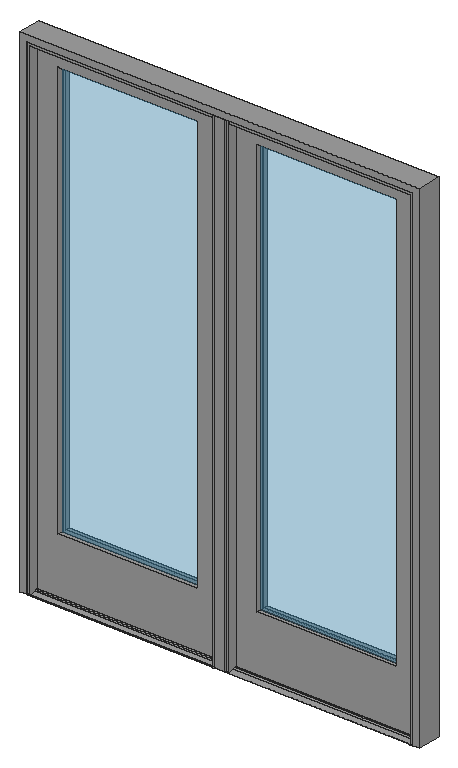
Revit family "AD-375 DOOR-Double-1-2 CJB-CW_v04", category Curtain Panels, Revit 2015
Parameters
  Width [instance] = 6' - 2"
  URL = "obe.com"
  Rough Width [instance] = 6' - 4 1/2"
  Panel Width [instance] = Min Panel Width  # 6' - 2"
  Panel Offset [instance] = 0' - 0"
  Offset [instance] = 0' - 1"
  Model = "AD-375 DOOR"
  Min Rough Width [instance] = if(Rough Width > 6' 4 1/2", Rough Width, 6' 4 1/2")  # 6' - 4 1/2"
  Min Panel Width [instance] = if(Rough Width > 6' 4 1/2", Rough Width - 0' 2 1/2", 6' 2")  # 6' - 2"
  Manufacturer = "Oldcastle BuildingEnvelope®"
  Keynote = "08 11 00"
  Hinge [instance] = yes
  Height [instance] = 8' - 0"
  Glass Material = Glass
  Frame Material = Aluminum
  Door Panel Height [instance] = Height - 0' 0 85/128"  # 7' - 11 43/128"
  Description = "AD-375 - 1\" Door Infill"
  Assembly Code = "B2030"
  Analytic Construction = "<None>"
  6 Bottom Rail [instance] = no
  10 Bottom Rail [instance] = not([6 Bottom Rail])  # yes
Reference planes (in)
  plane 1 "Front": y = 0
  plane 2: z = 0
  plane 3 "Center (Left/Right)": x = 0
  plane 4 "Left": x = -37
  plane 5 "Right": x = 37
  plane 6 "Top": z = 96
  plane 7 "Offset": y = -1
  plane 8: x = -38.25
  plane 9: x = 38.25
Forms (in)
  Sweep 1, solid, material "Aluminum" <- "Frame Material"
    path origin (0, -1, 0) x (-1, 0, 0) y (0, 0, 1)
      loop
        line (-38.25, 96) -> (-38.25, 0)
    profile origin (38.25, -1, 48) x (0, 1, 0) y (-1, 0, 0)
      loop
        line (0, 0) -> (0, 1.25) -> (-2.7624, 1.25) -> (-2.7624, 1.812) -> (-4.3574, 1.812) -> (-4.3574, 1.25) -> (-4.50055, 1.25) -> (-4.50055, 0) -> (0, 0)
  Sweep 2, solid, material "Aluminum" <- "Frame Material"
    path origin (0, -1, 0) x (-1, 0, 0) y (0, 0, 1)
      loop
        line (38.25, 96) -> (38.25, 0)
    profile origin (-38.25, -1, 48) x (0, 1, 0) y (-1, 0, 0)
      loop
        line (0, 0) -> (-4.50055, 0) -> (-4.50055, -1.25) -> (-4.3574, -1.25) -> (-4.3574, -1.812) -> (-2.7624, -1.812) -> (-2.7624, -1.25) -> (0, -1.25) -> (0, 0)
  Sweep 3, solid, material "Aluminum" <- "Frame Material"
    path origin (0, -1, 0) x (-1, 0, 0) y (0, 0, 1)
      loop
        line (38.25, 96) -> (-38.25, 96)
    profile origin (0, -1, 96) x (0, 0, -1) y (0, 1, 0)
      loop
        line (1.25, 0) -> (0, 0) -> (0, -4.50055) -> (1.25, -4.50055) -> (1.25, -4.3574) -> (1.812, -4.3574) -> (1.812, -2.7624) -> (1.25, -2.7624) -> (1.25, 0)
Cuts and joins
  joined: Sweep 1, Sweep 2, Sweep 3
Text (in)
  text "Exterior" at (-54.29358, 31.38743, 0), in view "Ref. Level"
  text "Exterior" at (480, 41.53993, 89.60405), in view "Right"
  text "Exterior" at (-240, 57.82419, 105.78864), in view "Left"
Dimensions and locks (in)
  equal spacing: plane 4 "Left", plane 3 "Center (Left/Right)", plane 5 "Right"
  "Width": plane 4 "Left" to plane 5 "Right"
  "Height": plane 6 "Top" to plane 2
  "Offset": plane 7 "Offset" to plane 1 "Front"
  equal spacing: plane 8, plane 3 "Center (Left/Right)", plane 9
  "Min Rough Width": plane 8 to plane 9
  aligned and locked: level to plane 2
  aligned and locked: plane 3 "Center (Left/Right)" to nested 1
  aligned and locked: plane 2 to Sweep 1 sketch curve
  aligned and locked: plane 6 "Top" to Sweep 1 sketch curve
  aligned and locked: plane 2 to Sweep 2 sketch curve
  aligned and locked: plane 6 "Top" to Sweep 2 sketch curve
  aligned and locked: plane 6 "Top" to Sweep 3 sketch curve
  aligned and locked: nested 1 to plane 7 "Offset"
  aligned and locked: Sweep 1 sketch curve to plane 9
  aligned and locked: plane 8 to Sweep 2 sketch curve
  aligned and locked: plane 9 to Sweep 3 sketch curve
  aligned and locked: plane 8 to Sweep 3 sketch curve
Automatic sketch dimensions
  Sweep 2 sketch curve to Sweep 2 sketch curve = 0' - 0.14315"
  Sweep 2 sketch curve to Sweep 2 sketch curve = 0' - 1.595"
  profile plane to Sweep 2 sketch curve = 0' - 1 1/4"  (x2)
  Sweep 2 sketch curve to Sweep 2 sketch curve = 0' - 2.7624"
  Sweep 2 sketch curve to Sweep 2 sketch curve = 0' - 0.562"
  Sweep 2 sketch curve to plane 7 "Offset" = 0' - 0"
  Sweep 2 sketch curve to profile plane = 0' - 0"
  Sweep 1 sketch curve to profile plane = 0' - 1.812"
  profile plane to Sweep 1 sketch curve = 0' - 0"
  Sweep 1 sketch curve to plane 7 "Offset" = 0' - 4.50055"
  Sweep 1 sketch curve to Sweep 1 sketch curve = 0' - 0.14315"
  Sweep 1 sketch curve to Sweep 1 sketch curve = 0' - 1.595"
  Sweep 1 sketch curve to profile plane = 0' - 1 1/4"  (x2)
  Sweep 1 sketch curve to Sweep 1 sketch curve = 0' - 2.7624"
  Sweep 3 sketch curve to profile plane = 0' - 1.812"
  Sweep 3 sketch curve to profile plane = 0' - 1 1/4"  (x2)
  Sweep 3 sketch curve to Sweep 3 sketch curve = 0' - 1 1/4"
  Sweep 3 sketch curve to plane 7 "Offset" = 0' - 4.50055"
  Sweep 3 sketch curve to Sweep 3 sketch curve = 0' - 0.14315"
  Sweep 3 sketch curve to Sweep 3 sketch curve = 0' - 1.595"
  Sweep 3 sketch curve to Sweep 3 sketch curve = 0' - 2.7624"
Nested families (in)
  nested 1: "AD-375 DOOR-Double-1-2 CJB-Panel_v03" at (0, -19, 0), Frame Material <- "Frame Material", Glass Material <- "Glass Material", Hinge <- "Hinge", 6 Bottom Rail <- "6 Bottom Rail", Height <- "Door Panel Height", Width <- "Min Panel Width", Offset <- "Panel Offset", type "AD-375 DOOR-Double-1-2 CJB-Panel_v03"
    with Wing Width 3' - 1", built-in parameter 1001301 6' - 2", Offset 0' - 0", Hinge yes, built-in parameter 1001300 7' - 11 43/128", Glass Material Glass, Frame Material Aluminum, Bottom Rail 0' - 10 19/32", 6 Bottom Rail no, 10 Bottom Rail yes
Definition of nested family "AD-375 DOOR-Double-1-2 CJB-Panel_v03"
  Parameters (values of type "AD-375 DOOR-Double-1-2 CJB-Panel_v03")
    Wing Width [instance] = Width / 2  # 3' - 0"
    Width [instance] = 6' - 0"
    Offset [instance] = 0' - 11"
    Hinge [instance] = yes
    Height [instance] = 8' - 0"
    Glass Material [instance] = none
    Frame Material [instance] = none
    Bottom Rail [instance] = if([10 Bottom Rail], 0' 10 19/32", 0' 6 19/32")  # 0' - 6 19/32"
    6 Bottom Rail [instance] = yes
    10 Bottom Rail [instance] = not([6 Bottom Rail])  # no
  Reference planes (in)
    plane 1 "00": y = 5.5563
    plane 2: z = 0
    plane 3 "Center (Left/Right)": x = 0
    plane 4: z = 96
    plane 5: x = -36
    plane 6: x = 36
    plane 7 "Center (Front/Back)": y = 18
    plane 8 "Exterior": y = 6.0563
    plane 9: z = 48
    plane 10: z = 6.59375
    plane 11: z = 92.46875
    plane 12: z = 0
    plane 13: x = -31.84147
    plane 14: x = 31.82129
    plane 15: y = 7
  Forms (in)
    Sweep 1, solid, material <- "Frame Material"
      path origin (0, 5.5563, 0) x (1, 0, 0) y (0, 0, 1)
        loop
          line (-35.70353, 96) -> (-1, 96)
      profile origin (-18.35176, 5.5563, 96) x (0, 0, 1) y (0, -1, 0)
        loop
          line (-0.71875, -1.2884) -> (-0.71875, 1.3187) -> (-3.96875, 1.3187) -> (-3.96875, 0.5) -> (-3.53125, 0.5) -> (-3.53125, -0.5) -> (-3.96875, -0.5) -> (-3.96875, -1.2884) -> (-0.71875, -1.2884)
    Sweep 2, solid, material <- "Frame Material"
      path origin (0, 5.5563, 0) x (1, 0, 0) y (0, 0, 1)
        loop
          line (-1.562, 0) -> (-35.70353, 0)
      profile origin (-18.63276, 5.5563, 0) x (0, 0, -1) y (0, -1, 0)
        loop
          line (-2.62093, -1.2884) -> (-0.375, -1.2884) -> (-0.375, 1.3187) -> (-2.62093, 1.3187) -> (-7.125, 1.3187) -> (-7.125, 0.5) -> (-6.59375, 0.5) -> (-6.59375, -0.5) -> (-7.125, -0.5) -> (-7.125, -1.2884) -> (-2.62093, -1.2884)
    Sweep 3, solid, material <- "Frame Material"
      path origin (0, 5.5563, 0) x (1, 0, 0) y (0, 0, 1)
        loop
          line (36, 95.28125) -> (36, 0.375)
      profile origin (36, 5.5563, 47.82812) x (0, -1, 0) y (1, 0, 0)
        loop
          line (-1.2884, -0.43321) -> (-1.2884, -4.61621) -> (-0.5, -4.61621) -> (-0.5, -4.17871) -> (0.5, -4.17871) -> (0.5, -4.61621) -> (1.3187, -4.61621) -> (1.3187, -0.32321) -> (-1.35373, -0.32321) -> (-1.35373, -0.43321) -> (-1.2884, -0.43321)
    Sweep 4, solid, material <- "Frame Material"
      path origin (0, 5.5563, 0) x (1, 0, 0) y (0, 0, 1)
        loop
          line (-36, 95.28125) -> (-36, 0.375)
      profile origin (-36, 5.5563, 47.82812) x (0, -1, 0) y (1, 0, 0)
        loop
          line (-1.2884, 4.59603) -> (-1.2884, 0.40647) -> (-1.35373, 0.40647) -> (-1.35373, 0.29647) -> (1.3187, 0.29647) -> (1.3187, 4.59603) -> (0.5, 4.59603) -> (0.5, 4.15198) -> (-0.5, 4.15198) -> (-0.5, 4.59603) -> (-1.2884, 4.59603)
    Sweep 5, solid, material <- "Frame Material"
      path origin (0, 5.5563, 0) x (1, 0, 0) y (0, 0, 1)
        loop
          line (0, 95.28125) -> (0, 0.375)
      profile origin (0, 5.5563, 47.82812) x (0, -1, 0) y (1, 0, 0)
        loop
          line (-1.2884, -5.59715) -> (-0.5, -5.59715) -> (-0.5, -5.15965) -> (0.5, -5.15965) -> (0.5, -5.59715) -> (1.31797, -5.59715) -> (1.31797, -1) -> (-1.2884, -1) -> (-1.2884, -5.59715)
        loop
          line (1.3187, 5.59391) -> (0.50073, 5.59391) -> (0.50073, 5.15641) -> (-0.49927, 5.15641) -> (-0.49927, 5.59391) -> (-1.2884, 5.59391) -> (-1.2884, 1) -> (1.3187, 1) -> (1.3187, 5.59391)
    Sweep 6, solid, material <- "Frame Material"
      path origin (0, 5.5563, 0) x (1, 0, 0) y (0, 0, 1)
        loop
          line (1, 96) -> (35.67679, 96)
      profile origin (18.3384, 5.5563, 96) x (0, 0, 1) y (0, -1, 0)
        loop
          line (-0.71875, -1.2884) -> (-0.71875, 1.3187) -> (-2.30843, 1.3187) -> (-3.96875, 1.3187) -> (-3.96875, 0.5) -> (-3.53125, 0.5) -> (-3.53125, -0.5) -> (-3.96875, -0.5) -> (-3.96875, -1.2884) -> (-2.30843, -1.2884) -> (-0.71875, -1.2884)
    Sweep 7, solid, material <- "Frame Material"
      path origin (0, 5.5563, 0) x (1, 0, 0) y (0, 0, 1)
        loop
          line (35.67679, 0) -> (1.562, 0)
      profile origin (18.6194, 5.5563, 0) x (0, 0, -1) y (0, -1, 0)
        loop
          line (-3.49593, -1.2884) -> (-0.375, -1.2884) -> (-0.375, 1.3187) -> (-7.125, 1.3187) -> (-7.125, 0.5) -> (-6.59375, 0.5) -> (-6.59375, -0.5) -> (-7.125, -0.5) -> (-7.125, -1.2884) -> (-3.49593, -1.2884)
    Extrusion 8, solid, material <- "Glass Material", detail levels medium+fine
      sketch origin (0, 0, 0) x (1, 0, 0) y (0, 1, 0)
        loop
          line (5.15641, 6.0563) -> (5.15641, 5.8083) -> (31.82129, 5.8083) -> (31.82129, 6.0563) -> (5.15641, 6.0563)
        loop
          line (31.82129, 5.0563) -> (31.82129, 5.3043) -> (5.15641, 5.3043) -> (5.15641, 5.0563) -> (31.82129, 5.0563)
      from 6.59375 to 92.46875
    Extrusion 9, solid, material <- "Glass Material", detail levels coarse
      sketch origin (0, 0, 0) x (1, 0, 0) y (0, 1, 0)
        loop
          line (5.15641, 6.0563) -> (5.15641, 5.0563) -> (31.82129, 5.0563) -> (31.82129, 6.0563) -> (5.15641, 6.0563)
      from 6.59375 to 92.46875
    Extrusion 10, solid, material <- "Glass Material", detail levels coarse
      sketch origin (0, 0, 0) x (1, 0, 0) y (0, 1, 0)
        loop
          line (-31.84147, 6.0563) -> (-31.84147, 5.0563) -> (-5.15641, 5.0563) -> (-5.15641, 6.0563) -> (-31.84147, 6.0563)
      from 6.59375 to 92.46875
    Extrusion 11, solid, material <- "Glass Material", detail levels medium+fine
      sketch origin (0, 0, 0) x (1, 0, 0) y (0, 1, 0)
        loop
          line (-31.84147, 6.0563) -> (-31.84147, 5.8083) -> (-5.15641, 5.8083) -> (-5.15641, 6.0563) -> (-31.84147, 6.0563)
        loop
          line (-31.84147, 5.3043) -> (-31.84147, 5.0563) -> (-5.15641, 5.0563) -> (-5.15641, 5.3043) -> (-31.84147, 5.3043)
      from 6.59375 to 92.46875
    Sweep 12, solid, material <- "Frame Material"
      path origin (0, 5.5563, 0) x (1, 0, 0) y (0, 0, 1)
        loop
          line (0, 95.28125) -> (0, 0)
      profile origin (0, 5.5563, 47.64062) x (0, -1, 0) y (1, 0, 0)
        loop
          line (-1.4437, -1) -> (1.3187, -1) -> (1.3187, -1.562) -> (2.9137, -1.562) -> (2.9137, -1) -> (3.0573, -1) -> (3.0573, 1) -> (2.9137, 1) -> (2.9137, 1.562) -> (1.3187, 1.562) -> (1.3187, 1) -> (-1.4437, 1) -> (-1.4437, -1)
    Sweep 13, solid, material <- "Frame Material"
      path origin (0, 5.5563, 0) x (1, 0, 0) y (0, 0, 1)
        loop
          line (-1, 0) -> (-35.70353, 0)
      profile origin (-18.35176, 5.5563, 0) x (0, 0, -1) y (0, -1, 0)
        loop
          line (-0.256, -0.69426) -> (-0.1262, -1.33799)
          arc (-0.1262, -1.33799) -> (-0.07849, -1.40969) -> (0, -1.44514) r 0.156
          line (0, -1.44514) -> (0, 3.05585) -> (-0.06628, 3.05585)
          arc (-0.06628, 3.05585) -> (-0.08866, 3.04745) -> (-0.09997, 3.0264) r 0.034
          line (-0.09997, 3.0264) -> (-0.256, 1.86985) -> (-0.506, 1.73385) -> (-0.506, 1.3187) -> (-0.256, 1.3187) -> (-0.256, -0.69426)
    Sweep 14, solid, material <- "Frame Material"
      path origin (0, 5.5563, 0) x (1, 0, 0) y (0, 0, 1)
        loop
          line (35.67679, 0) -> (1, 0)
      profile origin (18.3384, 5.5563, 0) x (0, 0, -1) y (0, -1, 0)
        loop
          line (-0.506, 1.73385) -> (-0.506, 1.3187) -> (-0.256, 1.3187) -> (-0.256, -0.69426) -> (-0.1262, -1.33799)
          arc (-0.1262, -1.33799) -> (-0.07849, -1.40969) -> (0, -1.44514) r 0.156
          line (0, -1.44514) -> (0, 3.05585) -> (-0.06628, 3.05585)
          arc (-0.06628, 3.05585) -> (-0.08866, 3.04745) -> (-0.09997, 3.0264) r 0.034
          line (-0.09997, 3.0264) -> (-0.256, 1.86985) -> (-0.506, 1.73385)
  Cuts and joins
    joined: Sweep 1, Sweep 2, Sweep 3, Sweep 4, Sweep 5, Sweep 6, Sweep 7
  Lines and regions (in)
    model lines
      curve 1: line (5.15641, 6.0563, 92.46875) -> (31.38379, 6.0563, 48.02216)
      curve 2: line (31.38379, 6.0563, 48.02216) -> (5.15641, 6.0563, 6.59375)
      curve 3: line (-5.15965, 6.0563, 92.46875) -> (-31.40397, 6.0563, 48)
      curve 4: line (-31.40397, 6.0563, 48) -> (-5.15965, 6.0563, 6.59375)
  Dimensions and locks (in)
    "Height": plane 4 to level
    equal spacing: plane 5, plane 3 "Center (Left/Right)", plane 6
    "Offset": plane 15 to plane 7 "Center (Front/Back)"
    plane 1 "00" to plane 8 "Exterior" to plane 15 = 0' - 0 1/2" locked, 0' - 0.9437" locked
    equal spacing: level, plane 9, plane 4
    locked: plane 3 "Center (Left/Right)" to Sweep 2 sketch curve at 1.562
    locked: Sweep 3 sketch curve to plane 4 at 0.71875
    locked: Sweep 4 sketch curve to plane 4 at 0.71875
    plane 3 "Center (Left/Right)" to Sweep 1 sketch curve = 0' - 1"
    locked: Sweep 6 sketch curve to plane 3 "Center (Left/Right)" at 1
    locked: Sweep 5 sketch curve to plane 4 at 0.71875
    locked: Sweep 7 sketch curve to plane 10 at 0.53125  (x2)
    locked: Sweep 2 sketch curve to plane 10 at 0.53125  (x2)
    equal spacing: plane 4, plane 9, plane 12
    locked: plane 4 to plane 11 at 3.53125
    Extrusion 11 sketch curve to Extrusion 11 sketch curve to plane 1 "00" to Extrusion 11 sketch curve to Extrusion 11 sketch curve = 0' - 0.248" locked, 0' - 0.252" locked, 0' - 0.252" locked, 0' - 0.248" locked
    Extrusion 10 sketch curve to plane 1 "00" to Extrusion 10 sketch curve = 0' - 0 1/2" locked, 0' - 0 1/2" locked
    Extrusion 9 sketch curve to plane 1 "00" to Extrusion 9 sketch curve = 0' - 0 1/2" locked, 0' - 0 1/2" locked
    Extrusion 8 sketch curve to Extrusion 8 sketch curve to plane 1 "00" to Extrusion 8 sketch curve to Extrusion 8 sketch curve = 0' - 0.248" locked, 0' - 0.252" locked, 0' - 0.252" locked, 0' - 0.248" locked
    "Bottom Rail": plane 10 to plane 12
    plane 3 "Center (Left/Right)" to Extrusion 8 sketch curve = 0' - 5.15641"  (x2)
    "Width": plane 5 to plane 6
    locked: plane 6 to Sweep 7 sketch curve at 0.32321
    locked: Sweep 2 sketch curve to plane 5 at 0.29647
    locked: Sweep 7 sketch curve to plane 3 "Center (Left/Right)" at 1.562
    locked: plane 14 to plane 6 at 4.17871
    locked: plane 5 to plane 13 at 4.15853
    locked: plane 4 to Sweep 12 sketch curve at 0.71875
    locked: Sweep 1 sketch curve to plane 5 at 0.29647
    locked: plane 6 to Sweep 6 sketch curve at 0.32321
    locked: Sweep 13 sketch curve to plane 5 at 0.29647
    locked: plane 3 "Center (Left/Right)" to Sweep 13 sketch curve at 1
    locked: plane 6 to Sweep 14 sketch curve at 0.32321
    locked: Sweep 14 sketch curve to plane 3 "Center (Left/Right)" at 1
    locked: plane 12 to Sweep 3 sketch curve at 0.375
    locked: plane 12 to Sweep 5 sketch curve at 0.375
    locked: plane 12 to Sweep 4 sketch curve at 0.375
    aligned and locked: plane 2 to level
    aligned and locked: Sweep 1 sketch curve to plane 4
    aligned and locked: Sweep 2 sketch curve to level
    aligned and locked: plane 3 "Center (Left/Right)" to Sweep 5 sketch curve
    aligned and locked: Sweep 7 sketch curve to level
    aligned and locked: plane 4 to Sweep 6 sketch curve
    aligned and locked: plane 11 to Extrusion 8
    aligned and locked: plane 11 to Extrusion 9
    aligned and locked: Sweep 6 sketch curve to plane 11
    aligned and locked: plane 10 to Sweep 2 sketch curve
    aligned and locked: Sweep 1 sketch curve to plane 11
    aligned and locked: plane 9 to curve 4
    aligned and locked: Extrusion 8 to plane 10
    aligned and locked: Extrusion 9 to plane 10
    aligned and locked: Sweep 4 sketch curve to plane 5
    aligned and locked: Sweep 3 sketch curve to plane 6
    aligned and locked: plane 14 to Extrusion 9
    aligned and locked: plane 14 to Extrusion 8  (x2)
    aligned and locked: Sweep 12 sketch curve to plane 3 "Center (Left/Right)"
    aligned and locked: plane 12 to Sweep 12 sketch curve
    aligned and locked: Extrusion 10 to plane 10
    aligned and locked: Extrusion 11 to plane 10
    aligned and locked: plane 11 to Extrusion 11
    aligned and locked: Extrusion 11 to plane 13
    aligned and locked: Extrusion 10 to plane 13
    aligned and locked: plane 11 to Extrusion 10
    aligned and locked: Sweep 13 sketch curve to plane 12
    aligned and locked: Sweep 14 sketch curve to plane 12
  Automatic sketch dimensions
    Sweep 3 sketch curve to plane 1 "00" = 0' - 1.35373"
    Sweep 3 sketch curve to Sweep 3 sketch curve = 0' - 0.06533"
    Sweep 3 sketch curve to plane 1 "00" = 0' - 0 1/2"
    plane 1 "00" to Sweep 3 sketch curve = 0' - 0 1/2"
    plane 1 "00" to Sweep 3 sketch curve = 0' - 1.3187"
    profile plane to Sweep 3 sketch curve = 0' - 4.61621"
    Sweep 3 sketch curve to Sweep 3 sketch curve = 0' - 0"
    Sweep 3 sketch curve to Sweep 3 sketch curve = 0' - 0 7/16"
    profile plane to Sweep 3 sketch curve = 0' - 0.43321"
    profile plane to Sweep 3 sketch curve = 0' - 0.32321"
    Sweep 4 sketch curve to plane 1 "00" = 0' - 1.35373"
    Sweep 4 sketch curve to Sweep 4 sketch curve = 0' - 0.06533"
    Sweep 4 sketch curve to plane 1 "00" = 0' - 0 1/2"
    plane 1 "00" to Sweep 4 sketch curve = 0' - 0 1/2"
    Sweep 4 sketch curve to Sweep 4 sketch curve = 0' - 0.8187"
    Sweep 4 sketch curve to profile plane = 0' - 0.29647"
    Sweep 4 sketch curve to Sweep 4 sketch curve = 0' - 0.11"
    Sweep 4 sketch curve to Sweep 4 sketch curve = 0' - 3.7455"
    Sweep 4 sketch curve to Sweep 4 sketch curve = 0' - 0.44405"  (x2)
    Sweep 5 sketch curve to plane 1 "00" = 0' - 1.2884"
    Sweep 5 sketch curve to profile plane = 0' - 1"
    Sweep 5 sketch curve to plane 1 "00" = 0' - 0.49927"
    Sweep 5 sketch curve to plane 1 "00" = 0' - 0 1/2"
    plane 1 "00" to Sweep 5 sketch curve = 0' - 0.50073"
    plane 1 "00" to Sweep 5 sketch curve = 0' - 0 1/2"
    plane 1 "00" to Sweep 5 sketch curve = 0' - 1.3187"
    Sweep 5 sketch curve to Sweep 5 sketch curve = 0' - 0.00073"
    profile plane to Sweep 5 sketch curve = 0' - 1"
    Sweep 5 sketch curve to Sweep 5 sketch curve = 0' - 0 7/16"  (x4)
    Sweep 5 sketch curve to Sweep 5 sketch curve = 0' - 4.15641"
    Sweep 7 sketch curve to Sweep 7 sketch curve = 0' - 0 17/32"
    Sweep 7 sketch curve to plane 1 "00" = 0' - 1.2884"
    profile plane to Sweep 7 sketch curve = 0' - 3.49593"
    Sweep 7 sketch curve to plane 1 "00" = 0' - 0 1/2"
    plane 1 "00" to Sweep 7 sketch curve = 0' - 0 1/2"
    plane 1 "00" to Sweep 7 sketch curve = 0' - 1.3187"
    Sweep 6 sketch curve to Sweep 6 sketch curve = 0' - 0 7/16"  (x2)
    Sweep 6 sketch curve to Sweep 6 sketch curve = 0' - 1.22282"  (x2)
    profile plane to Sweep 6 sketch curve = 0' - 0 23/32"
    Sweep 6 sketch curve to plane 1 "00" = 0' - 1.2884"
    Sweep 6 sketch curve to plane 1 "00" = 0' - 0 1/2"
    plane 1 "00" to Sweep 6 sketch curve = 0' - 0 1/2"
    plane 1 "00" to Sweep 6 sketch curve = 0' - 1.3187"
    Sweep 2 sketch curve to plane 1 "00" = 0' - 1.2884"
    Sweep 2 sketch curve to Sweep 2 sketch curve = 0' - 3.97282"
    Sweep 2 sketch curve to Sweep 2 sketch curve = 0' - 0"
    Sweep 2 sketch curve to plane 1 "00" = 0' - 0 1/2"
    plane 1 "00" to Sweep 2 sketch curve = 0' - 0 1/2"
    plane 1 "00" to Sweep 2 sketch curve = 0' - 1.3187"
    Sweep 1 sketch curve to Sweep 1 sketch curve = 0' - 0 7/16"  (x2)
    profile plane to Sweep 1 sketch curve = 0' - 0 23/32"
    Sweep 1 sketch curve to plane 1 "00" = 0' - 1.2884"
    Sweep 1 sketch curve to plane 1 "00" = 0' - 0 1/2"
    plane 1 "00" to Sweep 1 sketch curve = 0' - 0 1/2"
    plane 1 "00" to Sweep 1 sketch curve = 0' - 1.3187"
    plane 5 to Extrusion 10 sketch curve = 0' - 4.15853"
    plane 5 to Extrusion 11 sketch curve = 0' - 4.15853"
    Extrusion 11 sketch curve to Extrusion 11 sketch curve = 0' - 0"  (x2)
    Extrusion 8 sketch curve to plane 6 = 0' - 4.17871"
    Extrusion 8 sketch curve to Extrusion 8 sketch curve = 0' - 0"
    Extrusion 9 sketch curve to plane 6 = 0' - 4.17871"
    plane 1 "00" to Sweep 12 sketch curve = 0' - 1.3187"  (x2)
    Sweep 12 sketch curve to Sweep 12 sketch curve = 0' - 1.595"  (x2)
    Sweep 12 sketch curve to Sweep 12 sketch curve = 0' - 0.1436"
    profile plane to Sweep 12 sketch curve = 0' - 1.562"
    Sweep 12 sketch curve to Sweep 12 sketch curve = 0' - 0.562"  (x3)
    Sweep 12 sketch curve to profile plane = 0' - 1"  (x2)
    Sweep 12 sketch curve to plane 1 "00" = 0' - 1.4437"
    Sweep 5 sketch curve to Sweep 5 sketch curve = 0' - 0"
    Sweep 5 sketch curve to Sweep 5 sketch curve = 0' - 4.15965"
    Extrusion 11 sketch curve to plane 3 "Center (Left/Right)" = 0' - 5.15641"
    Extrusion 10 sketch curve to plane 3 "Center (Left/Right)" = 0' - 5.15641"
    plane 3 "Center (Left/Right)" to Extrusion 9 sketch curve = 0' - 5.15641"
    curve 3 to plane 11 = 0' - 0"
    curve 4 to plane 10 = 0' - 0"
    curve 2 to plane 10 = 0' - 0"
    curve 1 to plane 11 = 0' - 0"
    plane 13 to curve 4 = 0' - 0 7/16"
    plane 9 to curve 2 = 0' - 0.02216"
    curve 2 to plane 14 = 0' - 0 7/16"
    curve 3 to plane 3 "Center (Left/Right)" = 0' - 5.15965"
    curve 4 to plane 3 "Center (Left/Right)" = 0' - 5.15965"
    plane 3 "Center (Left/Right)" to curve 2 = 0' - 5.15641"
    plane 3 "Center (Left/Right)" to curve 1 = 0' - 5.15641"
    profile plane to Sweep 2 sketch curve = 0' - 0 3/8"
    profile plane to Sweep 7 sketch curve = 0' - 0 3/8"
    profile plane to Sweep 13 sketch curve = 0' - 0.256"  (x2)
    Sweep 13 sketch curve to plane 1 "00" = 0' - 0.69426"
    profile plane to Sweep 13 sketch curve = 0' - 0.1262"
    Sweep 13 sketch curve to Sweep 13 sketch curve = 0' - 0.64374"
    plane 1 "00" to Sweep 13 sketch curve = 0' - 1.3187"
    Sweep 13 sketch curve to profile plane = 0' - 0.02248"
    Sweep 13 sketch curve to Sweep 13 sketch curve = 0' - 0 1/4"
    Sweep 13 sketch curve to Sweep 13 sketch curve = 0' - 0.41515"
    Sweep 13 sketch curve to Sweep 13 sketch curve = 0' - 0.136"
    profile plane to Sweep 13 sketch curve = 0' - 0.09997"
    Sweep 13 sketch curve to Sweep 13 sketch curve = 0' - 1.15655"
    Sweep 13 sketch curve to Sweep 13 sketch curve = 0' - 0.03369"
    Sweep 13 sketch curve to Sweep 13 sketch curve = 0' - 0.00455"
    Sweep 13 sketch curve to profile plane = 0' - 0"
    Sweep 13 sketch curve to Sweep 13 sketch curve = 0' - 0.10715"
    profile plane to Sweep 14 sketch curve = 0' - 0.506"
    plane 1 "00" to Sweep 14 sketch curve = 0' - 1.73385"
    profile plane to Sweep 14 sketch curve = 0' - 0.256"
    Sweep 14 sketch curve to Sweep 14 sketch curve = 0' - 0.41515"
    Sweep 14 sketch curve to Sweep 14 sketch curve = 0' - 0.136"
    profile plane to Sweep 14 sketch curve = 0' - 0.09997"
    Sweep 14 sketch curve to Sweep 14 sketch curve = 0' - 1.15655"
    Sweep 14 sketch curve to Sweep 14 sketch curve = 0' - 0.03369"
    Sweep 14 sketch curve to Sweep 14 sketch curve = 0' - 0.00455"
    Sweep 14 sketch curve to profile plane = 0' - 0"
    Sweep 14 sketch curve to plane 1 "00" = 0' - 1.44514"
    Sweep 14 sketch curve to Sweep 14 sketch curve = 0' - 0 1/4"
    Sweep 14 sketch curve to plane 1 "00" = 0' - 0.69426"
    Sweep 14 sketch curve to Sweep 14 sketch curve = 0' - 0.10715"
    Sweep 14 sketch curve to profile plane = 0' - 0.02248"
    Sweep 14 sketch curve to Sweep 14 sketch curve = 0' - 0.04722"
